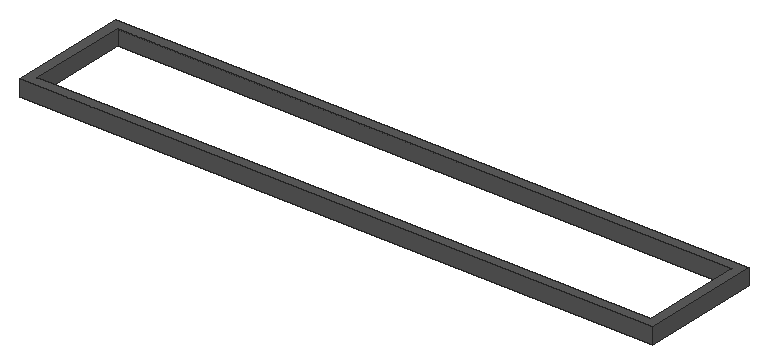
Revit family "FU_Frame_LAP0030", category Furniture, Revit 2022
Family settings
  OmniClass Number = 23.40.20.00
  OmniClass Title = General Furniture and Specialties
  Work Plane-Based = No
  Always vertical = Yes
  Cut with Voids When Loaded = No
  Render Appearance Source = Family Geometry
  Shared = No
  Room Calculation Point = No
Parameters (values of type "LAP0030")
  Width = 2010 mm
  URL = "https://www.sandlerseating.com/product/lapse-0030-2/"
  Model = "LAP0030"
  Manufacturer = "Sandler"
  Height = 50 mm
  Frame [instance] = Epoxy - M1_B00 - Black
  Description = "3-seat frame in the Lapse modular seating range that can be customized with a variety of modular elements and epoxy finishes."
  Depth = 380 mm
  Default Elevation = 0 mm
Reference planes
  plane 1 "Center (Front/Back)": y = 0
  plane 2: z = 0
  plane 3 "Center (Left/Right)": x = 0
  plane 4 "Right": x = -1005
  plane 5 "Left": x = 1005
  plane 6 "Back": y = 190
  plane 7 "Front": y = -190
  plane 8 "Height": z = 333
  plane 9 "Frame Base": z = 283
  plane 10 "Frame Inner Right": x = -975
  plane 11 "Frame Inner Back": y = 160
  plane 12 "Frame Inner Left": x = 975
  plane 13 "Frame Inner Front": y = -160
Forms (mm)
  Extrusion 1, solid, material "Epoxy - M1_B00 - Black" <- "Frame"
    sketch origin (0, 0, 283) x (-1, 0, 0) y (0, -1, 0)
      loop
        line (1005, -190) -> (1005, 190) -> (-1005, 190) -> (-1005, -190) -> (1005, -190)
      loop
        line (975, -160) -> (975, 160) -> (-975, 160) -> (-975, -160) -> (975, -160)
    from 0 to 50
Dimensions and locks
  equal spacing: plane 4 "Right", plane 3 "Center (Left/Right)", plane 5 "Left"
  "Width": plane 4 "Right" to plane 5 "Left"
  equal spacing: plane 6 "Back", plane 1 "Center (Front/Back)", plane 7 "Front"
  "Depth": plane 6 "Back" to plane 7 "Front"
  plane 8 "Height" to level = 333 mm
  "Height": plane 8 "Height" to plane 9 "Frame Base"
  locked: plane 13 "Frame Inner Front" to plane 7 "Front" at 30
  locked: plane 4 "Right" to plane 10 "Frame Inner Right" at 30
  locked: plane 12 "Frame Inner Left" to plane 5 "Left" at 30
  locked: plane 6 "Back" to plane 11 "Frame Inner Back" at 30
  aligned and locked: Extrusion 1 sketch curve to plane 6 "Back"
  aligned and locked: Extrusion 1 sketch curve to plane 4 "Right"
  aligned and locked: plane 7 "Front" to Extrusion 1 sketch curve
  aligned and locked: plane 5 "Left" to Extrusion 1 sketch curve
  aligned and locked: Extrusion 1 sketch curve to plane 11 "Frame Inner Back"
  aligned and locked: plane 10 "Frame Inner Right" to Extrusion 1 sketch curve
  aligned and locked: Extrusion 1 sketch curve to plane 13 "Frame Inner Front"
  aligned and locked: plane 12 "Frame Inner Left" to Extrusion 1 sketch curve
  aligned and locked: plane 8 "Height" to Extrusion 1
  aligned and locked: Extrusion 1 to plane 8 "Height"  (x3)
  aligned and locked: Extrusion 1 to plane 9 "Frame Base"
  aligned and locked: plane 9 "Frame Base" to Extrusion 1  (x2)
